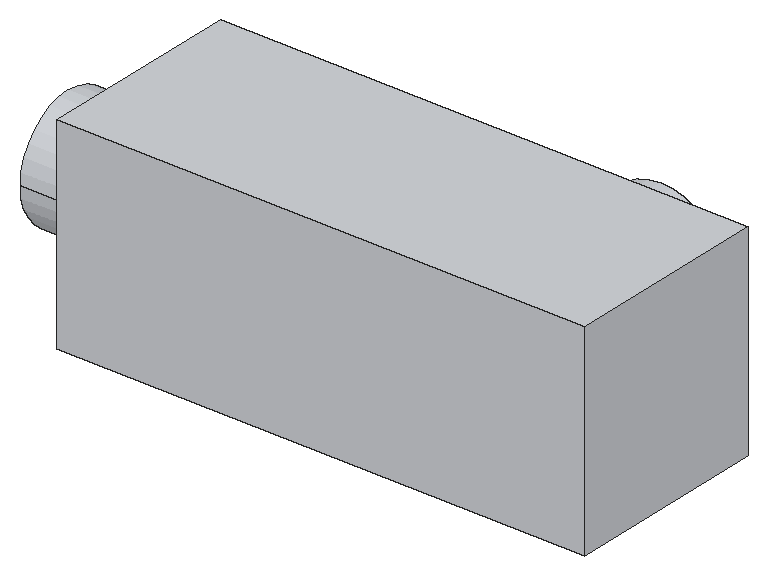
Revit family "M_Corpo do conduíte - Tipo L - PVC", category Conexões do conduite, Revit 2019
Family settings
  Cota do conector redondo = Usar raio
  Tipo de parte = Cotovelo da caixa de conexões
  Número OmniClass = 23.80.30.17.11
  Título OmniClass = Conduits
  ID de item do Seek = Conduit Body - Type L - PVC-0000-CAN-ENU
  Com base no plano de trabalho = Não
  Sempre na vertical = Sim
  Corte com vazios quando carregada = Não
  Compartilhado = Não
Parameters (values of type "Padrão")
  Comprimento total 2 [instance] = size_lookup(Pesquisa de tamanho de conduite, "TLgt2", 1.63 * Diâmetro nominal máximo 12 + 37.306 mm, Diâmetro nominal máximo 12)  # 63.17 mm
  Comprimento total 1 [instance] = size_lookup(Pesquisa de tamanho de conduite, "TLgt1", 3.47 * Diâmetro nominal máximo 12 + 84.832 mm, Diâmetro nominal máximo 12)  # 137.033 mm
  Raio nominal 2 [instance] = 8 mm
  Raio nominal 1 [instance] = 8 mm
  Diâmetro nominal 2 [instance] = Raio nominal 2 * 2  # 16 mm
  Diâmetro nominal 1 [instance] = Raio nominal 1 * 2  # 16 mm
  Diâmetro nominal máximo 12 [instance] = if(Diâmetro nominal 1 > Diâmetro nominal 2, Diâmetro nominal 1, Diâmetro nominal 2)  # 16 mm
  Comprimento 2 [instance] = Comprimento total 1 - Centro ao final 1  # 33.02 mm
  Comprimento 1 [instance] = Centro ao final 1 - Comprimento do conduíte 1  # 87.782 mm
  Raio externo da conexão 2 [instance] = Diâmetro externo da conexão 2 * 0.5  # 13.716 mm
  Raio externo da conexão 1 [instance] = Diâmetro externo da conexão 1 * 0.5  # 13.716 mm
  Diâmetro externo da conexão 2 [instance] = size_lookup(Pesquisa de tamanho de conduite, "FOD", 1.14 * Diâmetro nominal 2 + 12.7 mm, Diâmetro nominal 2)  # 27.432 mm
  Diâmetro externo da conexão 1 [instance] = size_lookup(Pesquisa de tamanho de conduite, "FOD", 1.14 * Diâmetro nominal 1 + 12.7 mm, Diâmetro nominal 1)  # 27.432 mm
  Pesquisa de tamanho de conduite = "M_Conduit Body - Type L - PVC"
  Comprimento do conduíte 2 [instance] = size_lookup(Pesquisa de tamanho de conduite, "CLgt", 0.46 * Diâmetro nominal 2 + 11.41 mm, Diâmetro nominal 2)  # 16.231 mm
  Comprimento do conduíte 1 [instance] = size_lookup(Pesquisa de tamanho de conduite, "CLgt", 0.46 * Diâmetro nominal 1 + 11.41 mm, Diâmetro nominal 1)  # 16.231 mm
  Centro ao final 1 [instance] = size_lookup(Pesquisa de tamanho de conduite, "CtE1", 2.47 * Diâmetro nominal máximo 12 + 70.346 mm, Diâmetro nominal máximo 12)  # 104.013 mm
  Comprimento 3 [instance] = Comprimento total 2 - Comprimento do conduíte 2  # 46.939 mm
Reference planes
  plane 1 "Centro (Frente/Trás)": y = 0
  plane 2: z = 0
  plane 3 "Centro (Esquerda/Direita)": x = 0
  plane 4: x = -87.782
  plane 5: x = 33.02
  plane 6: y = 23.47
  plane 7: y = -23.47
  plane 8: z = 23.47
  plane 9: z = -23.47
  plane 10: x = -104.013
  plane 11: y = 39.7
Forms (mm)
  Extrusion 1, solid
    sketch origin (0, 0, 0) x (1, 0, 0) y (0, 1, 0)
      loop
        line (-87.782, 23.47) -> (-87.782, -23.47) -> (33.02, -23.47) -> (33.02, 23.47) -> (-87.782, 23.47)
    from -23.47 to 23.47
  Extrusion 2, solid, detail levels fine
    sketch origin (0, 0, 0) x (0, 1, 0) y (0, 0, 1)
      loop
        circle (0, 0) r 13.716
    from -104.013 to -87.782
  Extrusion 3, solid, detail levels fine
    sketch origin (0, 0, 0) x (1, 0, 0) y (0, 0, 1)
      loop
        circle (0, 0) r 13.716
    from -23.47 to -39.7
Cuts and joins
  joined: Extrusion 2, Extrusion 3
Lines and regions (mm)
  model lines, detail levels coarse+medium
    curve 1: line (-104.013, 0, 0) -> (-87.782, 0, 0)
    curve 2: line (0, 39.7, 0) -> (0, 23.47, 0)
Dimensions and locks
  "Comprimento 1": plane 4 to plane 3 "Centro (Esquerda/Direita)"
  "Comprimento 2": plane 3 "Centro (Esquerda/Direita)" to plane 5
  equal spacing: plane 6, plane 1 "Centro (Frente/Trás)", plane 7
  "Comprimento 3": plane 6 to plane 7
  equal spacing: plane 8, plane 2, plane 9
  "Comprimento 3": plane 8 to plane 9
  "Comprimento do conduíte 1": plane 10 to plane 4
  "Comprimento do conduíte 2": plane 11 to plane 6
  "Raio externo da conexão 1": radius of Extrusion 2 sketch curve
  "Raio externo da conexão 2": radius of Extrusion 3 sketch curve
  aligned and locked: Extrusion 1 to plane 7
  aligned and locked: plane 6 to Extrusion 1
  aligned and locked: Extrusion 1 to plane 4
  aligned and locked: plane 5 to Extrusion 1
  aligned and locked: plane 8 to Extrusion 1
  aligned and locked: Extrusion 1 to plane 9
  aligned and locked: plane 2 to Extrusion 2 sketch curve
  aligned and locked: plane 1 "Centro (Frente/Trás)" to Extrusion 2 sketch curve
  aligned and locked: plane 4 to Extrusion 2
  aligned and locked: Extrusion 2 to plane 10
  aligned and locked: plane 2 to Extrusion 3 sketch curve
  aligned and locked: plane 3 "Centro (Esquerda/Direita)" to Extrusion 3 sketch curve
  aligned and locked: plane 11 to Extrusion 3
  aligned and locked: plane 10 to curve 1
  aligned and locked: plane 4 to curve 1
  aligned and locked: plane 1 "Centro (Frente/Trás)" to curve 1
  aligned and locked: plane 11 to curve 2
  aligned and locked: plane 6 to curve 2
  aligned and locked: curve 2 to plane 3 "Centro (Esquerda/Direita)"
  aligned and locked: cut or joined group of Extrusion 2, Extrusion 3 to plane 6
Automatic sketch dimensions
  plane 4 to Extrusion 1 sketch curve = 0 mm
  Extrusion 1 sketch curve to plane 5 = 0 mm
  plane 1 "Centro (Frente/Trás)" to Extrusion 1 sketch curve = 23.47 mm
  Extrusion 1 sketch curve to plane 1 "Centro (Frente/Trás)" = 23.47 mm
Connectors
  cabletrayconduit at (-104.013, 0, 0), diameter 16, driven by "Raio nominal 1"
    settings: on Extrusion 2, index 1, connector width 304.8 mm, connector height 304.8 mm, connector angle 0.00°, system type 32, placement type 0, profile type 0, connector reference index 2, is primary connector yes, connector utility param no, connector description ""
  cabletrayconduit at (0, 39.7, 0), diameter 16, driven by "Raio nominal 2"
    settings: on Extrusion 3, index 2, connector width 304.8 mm, connector height 304.8 mm, connector angle 0.00°, system type 32, placement type 0, profile type 0, connector reference index 1, is primary connector no, connector utility param no, connector description ""
